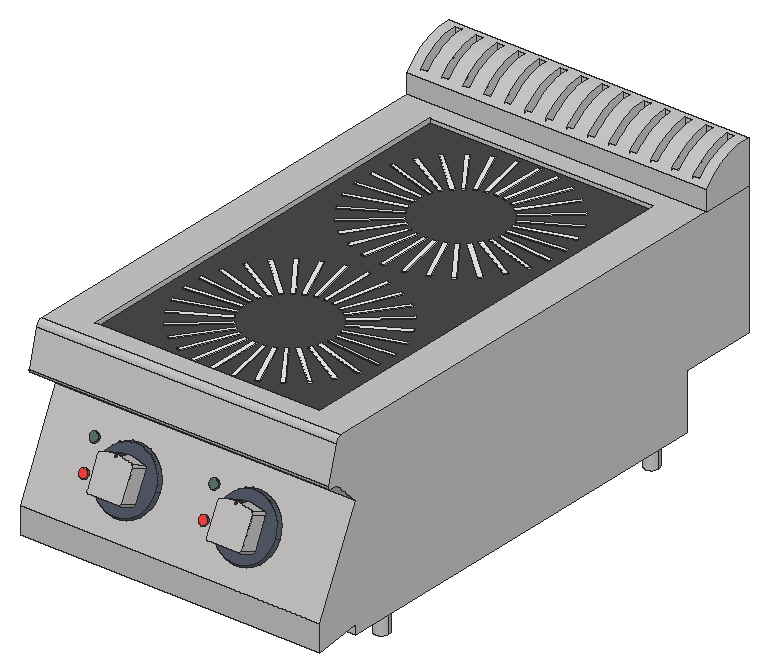
Revit family "QF_ZANUSSI_372020_Z7INED2000", category Specialty Equipment, Revit 2018
Family settings
  Round Connector Dimension = Use Diameter
  Part Type = Normal
  Work Plane-Based = No
  Always vertical = Yes
  Cut with Voids When Loaded = No
  Shared = No
  Room Calculation Point = No
Parameters
  Width = 400.00 mm  # constant formula
  Weight in Pounds = 44  # constant formula
  Weight = 0.00 kg
  Watts = 7000 VA  # 7000 W
  Volts = 400 V  # constant formula
  URL Manufacturer = "http://www.zanussiprofessional.com"
  URL Cutsheet = "www.electrolux.com/foodservice"
  URL = "http://www.zanussiprofessional.com"
  Type Mark [instance] = ""
  Steam Supply Size = 0"
  Steam Supply Minimum Pressure = 0.00 psi
  Steam Supply Maximum Pressure = 0.00 psi
  Steam Pounds per Hour = 0
  Status [instance] = ""
  Specification by User [instance] = ""
  Specification by Manufacturer = ""
  Show Logo [instance] = yes
  Show Clearance [instance] = yes
  Serial Number = ""
  Seismic Rating = ""
  SMACNA No = ""
  Revision Code [instance] = ""
  Refrigeration Suction Line Size = 0"
  Refrigeration Liquid Line Size = 0"
  Refrigerant Compressor Remote = yes
  Phase = 3  # constant formula
  Omniclass Number and Title = ""
  Number of Poles [instance] = 1
  NAFEM Spec ID Number = ""
  Model = "Z7INED2000"
  Min Ckt Ampacity = 0 A
  Max Overcurrent Protection = 0 A
  Masterspec = ""
  Manufacturer = "Zanussi"
  Length Actual = 400.00 mm  # constant formula
  Item Number [instance] = "372020"
  Installed By [instance] = ""
  Identify Quantity as Lot [instance] = yes
  Hot Water Size = 0"
  Height Actual = 250.00 mm  # constant formula
  Height = 332.00 mm  # constant formula
  HP = "9.4 HP"
  Gas Size = 0"
  Gas KW = 0
  Gas Input = 0.0 Btu/h
  Furnished By [instance] = ""
  Foodservice Equipment Identifier [instance] = yes
  FL Amps = if(Phase = 3, Watts / (Volts * 1.73), Watts / Volts)  # 10.1156 A
  Electrical Remarks [instance] = "400 V/3N ph/50/60 Hz"  # constant formula
  Electric Connection Type [instance] = ""
  Elec Conn RI Height [instance] = 0.00 mm
  Elec Conn Connection Height [instance] = 0.00 mm
  Direct Waste Size = 0"
  Description = "ELECTRIC INDUCTION COOKING TOP 400 MM"
  Depth Actual = 700.00 mm  # constant formula
  Depth = 730.00 mm  # constant formula
  Cycle = if([60 Hertz Option], 60 Hz, 50 Hz)  # 60 Hz
  Conn Plug = ""
  Conn Conduit = yes
  Condensate Return Size = 0"
  Compressed Air Volume = 0 GPM
  Compressed Air Size = 0"
  Compressed Air Pressure = 0.00 psi
  Cold Water Size = 0"
  CSI MasterFormat = ""
  CSI Master Format = ""
  Base Height [instance] = 24.00 mm  # constant formula
  Apparent Power = if(Phase = 3, Volts * FL Amps * 1.73, Volts * FL Amps)  # 7000 VA
  Accessory = yes
  60 Hertz Option = not([50 Hertz Option])  # yes
  50 Hertz Option = no
Reference planes
  plane 1 "BACK": y = 0
  plane 2: z = 0
  plane 3 "LEFT": x = 0
  plane 4 "RIGHT": x = 400
  plane 5 "FRONT": y = -730
  plane 6 "TOP": z = 332
  plane 7 "Center Y": x = 200
  plane 8 "Center X": y = -365
  plane 9 "BASE": z = 24
  plane 10 "TOP A": z = 274
  plane 11: y = -597.884
  plane 12: y = -147.637
  plane 13: y = -700
  plane 14 "panel": through (-6096, -654.982, 184.602) normal (0, -0.8956, 0.4448)
Forms (mm)
  Extrusion 1, solid, material "QF_Finishes_Stainless Steel"
    sketch origin (0, 0, 0) x (0, 1, 0) y (0, 0, 1)
      loop
        line (0, 98) -> (0, 274) -> (-679.358, 274)
        arc (-679.358, 274) -> (-684.643, 271.811) -> (-686.833, 266.526) r 7.474
        line (-686.833, 266.526) -> (-699.884, 221.011)
        arc (-699.884, 221.011) -> (-699.396, 218.379) -> (-697, 217.184) r 3
        line (-697, 217.184) -> (-686.802, 217.184) -> (-654.982, 185.364) -> (-715, 64.508) -> (-715, 29.508) -> (-658.645, 37.428)
        arc (-658.645, 37.428) -> (-656.101, 36.674) -> (-655, 34.259) r 3.2
        line (-655, 34.259) -> (-655, 24) -> (-103, 24) -> (-103, 98) -> (0, 98)
    from 0 to 400
  Extrusion 2, solid, material "QF_Finishes_Stainless Steel"
    sketch origin (0, 0, 0) x (0, 1, 0) y (0, 0, 1)
      loop
        line (0, 274) -> (0, 332)
        arc (0, 332) -> (-38.715, 323.821) -> (-69.85, 299.4) r 87.358
        line (-69.85, 299.4) -> (-69.85, 274) -> (0, 274)
    from 0 to 400
  Extrusion 3, void
    sketch origin (0, 0, 274) x (-1, 0, 0) y (0, -1, 0)
      loop
        line (-50, 93.262) -> (-50, 653.262) -> (-350, 653.262) -> (-350, 93.262) -> (-50, 93.262)
    from 0 to -6.35
  Extrusion 4, void
    sketch origin (0, 0, 274) x (-1, 0, 0) y (0, -1, 0)
      loop
        line (-13.453, 6.761) -> (-13.453, 63.911) -> (-22.749, 63.911) -> (-22.749, 6.761) -> (-13.453, 6.761)
    from 25.4 to 63.5
  Extrusion 5, void
    sketch origin (400.05, 0, 274) x (1, 0, 0) y (0, 1, 0)
      loop
        line (-13.503, -6.761) -> (-22.799, -6.761) -> (-22.799, -63.911) -> (-13.503, -63.911) -> (-13.503, -6.761)
    from 25.4 to 63.5
  Extrusion 6, void
    sketch origin (27.988, 0, 274) x (-1, 0, 0) y (0, -1, 0)
      loop
        line (-13.453, 6.761) -> (-13.453, 63.911) -> (-22.749, 63.911) -> (-22.749, 6.761) -> (-13.453, 6.761)
    from 25.4 to 63.5
  Extrusion 7, void
    sketch origin (55.977, 0, 274) x (-1, 0, 0) y (0, -1, 0)
      loop
        line (-13.453, 6.761) -> (-13.453, 63.911) -> (-22.749, 63.911) -> (-22.749, 6.761) -> (-13.453, 6.761)
    from 25.4 to 63.5
  Extrusion 8, void
    sketch origin (83.965, 0, 274) x (-1, 0, 0) y (0, -1, 0)
      loop
        line (-13.428, 6.761) -> (-13.428, 63.911) -> (-22.724, 63.911) -> (-22.724, 6.761) -> (-13.428, 6.761)
    from 25.4 to 63.5
  Extrusion 9, void
    sketch origin (111.953, 0, 274) x (-1, 0, 0) y (0, -1, 0)
      loop
        line (-13.428, 6.761) -> (-13.428, 63.911) -> (-22.724, 63.911) -> (-22.724, 6.761) -> (-13.428, 6.761)
    from 25.4 to 63.5
  Extrusion 10, void
    sketch origin (139.942, 0, 274) x (-1, 0, 0) y (0, -1, 0)
      loop
        line (-13.428, 6.761) -> (-13.428, 63.911) -> (-22.724, 63.911) -> (-22.724, 6.761) -> (-13.428, 6.761)
    from 25.4 to 63.5
  Extrusion 11, void
    sketch origin (167.93, 0, 274) x (-1, 0, 0) y (0, -1, 0)
      loop
        line (-13.428, 6.761) -> (-13.428, 63.911) -> (-22.724, 63.911) -> (-22.724, 6.761) -> (-13.428, 6.761)
    from 25.4 to 63.5
  Extrusion 12, void
    sketch origin (195.918, 0, 274) x (-1, 0, 0) y (0, -1, 0)
      loop
        line (-13.428, 6.761) -> (-13.428, 63.911) -> (-22.724, 63.911) -> (-22.724, 6.761) -> (-13.428, 6.761)
    from 25.4 to 63.5
  Extrusion 13, void
    sketch origin (223.907, 0, 274) x (-1, 0, 0) y (0, -1, 0)
      loop
        line (-13.428, 6.761) -> (-13.428, 63.911) -> (-22.724, 63.911) -> (-22.724, 6.761) -> (-13.428, 6.761)
    from 25.4 to 63.5
  Extrusion 14, void
    sketch origin (251.895, 0, 274) x (-1, 0, 0) y (0, -1, 0)
      loop
        line (-13.428, 6.761) -> (-13.428, 63.911) -> (-22.724, 63.911) -> (-22.724, 6.761) -> (-13.428, 6.761)
    from 25.4 to 63.5
  Extrusion 15, void
    sketch origin (279.884, 0, 274) x (-1, 0, 0) y (0, -1, 0)
      loop
        line (-13.403, 6.761) -> (-13.403, 63.911) -> (-22.699, 63.911) -> (-22.699, 6.761) -> (-13.403, 6.761)
    from 25.4 to 63.5
  Extrusion 16, void
    sketch origin (307.872, 0, 274) x (-1, 0, 0) y (0, -1, 0)
      loop
        line (-13.403, 6.761) -> (-13.403, 63.911) -> (-22.699, 63.911) -> (-22.699, 6.761) -> (-13.403, 6.761)
    from 25.4 to 63.5
  Extrusion 17, void
    sketch origin (335.86, 0, 274) x (-1, 0, 0) y (0, -1, 0)
      loop
        line (-13.403, 6.761) -> (-13.403, 63.911) -> (-22.699, 63.911) -> (-22.699, 6.761) -> (-13.403, 6.761)
    from 25.4 to 63.5
  Extrusion 18, solid, material "QF_Finishes_Stainless Steel"
    sketch origin (0, 0, 0) x (1, 0, 0) y (0, 1, 0)
      loop
        circle (11.112, -147.638) r 9.525
      loop
        circle (11.112, -597.884) r 9.525
      loop
        circle (388.887, -147.638) r 9.525
      loop
        circle (388.887, -597.884) r 9.525
    from 0 to 24
  Extrusion 19, solid, material "QF_Finishes_Stainless Steel"
    sketch origin (0, -101.6, 101.788) x (0, 0, -1) y (-1, 0, 0)
      loop
        circle (43.882, -336.5) r 12.7
    from -1.4 to 12.7
  Extrusion 20, solid, material "QF_Finishes_Clearance", visible <- "Show Clearance", detail levels coarse
    sketch origin (0, 0, 0) x (1, 0, 0) y (0, 1, 0)
      loop
        line (0, -730) -> (0, 0) -> (400, 0) -> (400, -730) -> (550.019, -730) -> (550.019, 150.019) -> (-150.019, 150.019) -> (-150.019, -730) -> (0, -730)
    from 0 to 332
  Extrusion 21, solid, material "QF_Finishes_White"
    sketch origin (0, 0, 267.65) x (-1, 0, 0) y (0, -1, 0)
      loop
        line (-196.926, 361.478) -> (-201.926, 361.478) -> (-201.926, 288.082) -> (-196.926, 288.082) -> (-196.926, 361.478)
    from 0 to 0.8
  Extrusion 22, solid, material "QF_Finishes_White"
    sketch origin (52.177, 36.558, 267.65) x (-0.978148, 0.207912, 0) y (-0.207912, -0.978148, 0)
      loop
        line (-196.926, 361.478) -> (-201.926, 361.478) -> (-201.926, 288.082) -> (-196.926, 288.082) -> (-196.926, 361.478)
    from 0 to 0.8
  Extrusion 23, solid, material "QF_Finishes_White"
    sketch origin (-43.436, -46.607, 267.65) x (-0.978148, -0.207912, 0) y (0.207912, -0.978148, 0)
      loop
        line (-196.926, 361.478) -> (-201.926, 361.478) -> (-201.926, 288.082) -> (-196.926, 288.082) -> (-196.926, 361.478)
    from 0 to 0.8
  Extrusion 24, solid, material "QF_Finishes_White"
    sketch origin (-76.233, -101.226, 267.65) x (-0.913545, -0.406737, 0) y (0.406737, -0.913545, 0)
      loop
        line (-196.926, 361.478) -> (-201.926, 361.478) -> (-201.926, 288.082) -> (-196.926, 288.082) -> (-196.926, 361.478)
    from 0 to 0.8
  Extrusion 25, solid, material "QF_Finishes_White"
    sketch origin (-96.957, -161.471, 267.65) x (-0.809017, -0.587785, 0) y (0.587785, -0.809017, 0)
      loop
        line (-196.926, 361.478) -> (-201.926, 361.478) -> (-201.926, 288.082) -> (-196.926, 288.082) -> (-196.926, 361.478)
    from 0 to 0.8
  Extrusion 26, solid, material "QF_Finishes_White"
    sketch origin (-104.703, -224.708, 267.65) x (-0.669131, -0.743145, 0) y (0.743145, -0.669131, 0)
      loop
        line (-196.926, 361.478) -> (-201.926, 361.478) -> (-201.926, 288.082) -> (-196.926, 288.082) -> (-196.926, 361.478)
    from 0 to 0.8
  Extrusion 27, solid, material "QF_Finishes_White"
    sketch origin (-99.132, -288.174, 267.65) x (-0.5, -0.866025, 0) y (0.866025, -0.5, 0)
      loop
        line (-196.926, 361.478) -> (-201.926, 361.478) -> (-201.926, 288.082) -> (-196.926, 288.082) -> (-196.926, 361.478)
    from 0 to 0.8
  Extrusion 28, solid, material "QF_Finishes_White"
    sketch origin (-80.487, -349.094, 267.65) x (-0.309017, -0.951057, 0) y (0.951057, -0.309017, 0)
      loop
        line (-196.926, 361.478) -> (-201.926, 361.478) -> (-201.926, 288.082) -> (-196.926, 288.082) -> (-196.926, 361.478)
    from 0 to 0.8
  Extrusion 29, solid, material "QF_Finishes_White"
    sketch origin (-49.583, -404.807, 267.65) x (-0.104528, -0.994522, 0) y (0.994522, -0.104528, 0)
      loop
        line (-196.926, 361.478) -> (-201.926, 361.478) -> (-201.926, 288.082) -> (-196.926, 288.082) -> (-196.926, 361.478)
    from 0 to 0.8
  Extrusion 30, solid, material "QF_Finishes_White"
    sketch origin (-7.772, -452.877, 267.65) x (0.104528, -0.994522, 0) y (0.994522, 0.104528, 0)
      loop
        line (-196.926, 361.478) -> (-201.926, 361.478) -> (-201.926, 288.082) -> (-196.926, 288.082) -> (-196.926, 361.478)
    from 0 to 0.8
  Extrusion 31, solid, material "QF_Finishes_White"
    sketch origin (43.12, -491.203, 267.65) x (0.309017, -0.951057, 0) y (0.951057, 0.309017, 0)
      loop
        line (-196.926, 361.478) -> (-201.926, 361.478) -> (-201.926, 288.082) -> (-196.926, 288.082) -> (-196.926, 361.478)
    from 0 to 0.8
  Extrusion 32, solid, material "QF_Finishes_White"
    sketch origin (100.868, -518.111, 267.65) x (0.5, -0.866025, 0) y (0.866025, 0.5, 0)
      loop
        line (-196.926, 361.478) -> (-201.926, 361.478) -> (-201.926, 288.082) -> (-196.926, 288.082) -> (-196.926, 361.478)
    from 0 to 0.8
  Extrusion 33, solid, material "QF_Finishes_White"
    sketch origin (162.949, -532.424, 267.65) x (0.669131, -0.743145, 0) y (0.743145, 0.669131, 0)
      loop
        line (-196.926, 361.478) -> (-201.926, 361.478) -> (-201.926, 288.082) -> (-196.926, 288.082) -> (-196.926, 361.478)
    from 0 to 0.8
  Extrusion 34, solid, material "QF_Finishes_White"
    sketch origin (226.65, -533.518, 267.65) x (0.809017, -0.587785, 0) y (0.587785, 0.809017, 0)
      loop
        line (-196.926, 361.478) -> (-201.926, 361.478) -> (-201.926, 288.082) -> (-196.926, 288.082) -> (-196.926, 361.478)
    from 0 to 0.8
  Extrusion 35, solid, material "QF_Finishes_White"
    sketch origin (289.185, -521.343, 267.65) x (0.913545, -0.406737, 0) y (0.406737, 0.913545, 0)
      loop
        line (-196.926, 361.478) -> (-201.926, 361.478) -> (-201.926, 288.082) -> (-196.926, 288.082) -> (-196.926, 361.478)
    from 0 to 0.8
  Extrusion 36, solid, material "QF_Finishes_White"
    sketch origin (347.823, -496.432, 267.65) x (0.978148, -0.207912, 0) y (0.207912, 0.978148, 0)
      loop
        line (-196.926, 361.478) -> (-201.926, 361.478) -> (-201.926, 288.082) -> (-196.926, 288.082) -> (-196.926, 361.478)
    from 0 to 0.8
  Extrusion 37, solid, material "QF_Finishes_White"
    sketch origin (400, -459.875, 267.65) x (1, 0, 0) y (0, 1, 0)
      loop
        line (-196.926, 361.478) -> (-201.926, 361.478) -> (-201.926, 288.082) -> (-196.926, 288.082) -> (-196.926, 361.478)
    from 0 to 0.8
  Extrusion 38, solid, material "QF_Finishes_White"
    sketch origin (443.436, -413.268, 267.65) x (0.978148, 0.207912, 0) y (-0.207912, 0.978148, 0)
      loop
        line (-196.926, 361.478) -> (-201.926, 361.478) -> (-201.926, 288.082) -> (-196.926, 288.082) -> (-196.926, 361.478)
    from 0 to 0.8
  Extrusion 39, solid, material "QF_Finishes_White"
    sketch origin (476.233, -358.648, 267.65) x (0.913545, 0.406737, 0) y (-0.406737, 0.913545, 0)
      loop
        line (-196.926, 361.478) -> (-201.926, 361.478) -> (-201.926, 288.082) -> (-196.926, 288.082) -> (-196.926, 361.478)
    from 0 to 0.8
  Extrusion 40, solid, material "QF_Finishes_White"
    sketch origin (496.957, -298.403, 267.65) x (0.809017, 0.587785, 0) y (-0.587785, 0.809017, 0)
      loop
        line (-196.926, 361.478) -> (-201.926, 361.478) -> (-201.926, 288.082) -> (-196.926, 288.082) -> (-196.926, 361.478)
    from 0 to 0.8
  Extrusion 41, solid, material "QF_Finishes_White"
    sketch origin (504.703, -235.166, 267.65) x (0.669131, 0.743145, 0) y (-0.743145, 0.669131, 0)
      loop
        line (-196.926, 361.478) -> (-201.926, 361.478) -> (-201.926, 288.082) -> (-196.926, 288.082) -> (-196.926, 361.478)
    from 0 to 0.8
  Extrusion 42, solid, material "QF_Finishes_White"
    sketch origin (499.132, -171.701, 267.65) x (0.5, 0.866025, 0) y (-0.866025, 0.5, 0)
      loop
        line (-196.926, 361.478) -> (-201.926, 361.478) -> (-201.926, 288.082) -> (-196.926, 288.082) -> (-196.926, 361.478)
    from 0 to 0.8
  Extrusion 43, solid, material "QF_Finishes_White"
    sketch origin (480.487, -110.781, 267.65) x (0.309017, 0.951057, 0) y (-0.951057, 0.309017, 0)
      loop
        line (-196.926, 361.478) -> (-201.926, 361.478) -> (-201.926, 288.082) -> (-196.926, 288.082) -> (-196.926, 361.478)
    from 0 to 0.8
  Extrusion 44, solid, material "QF_Finishes_White"
    sketch origin (449.583, -55.068, 267.65) x (0.104528, 0.994522, 0) y (-0.994522, 0.104528, 0)
      loop
        line (-196.926, 361.478) -> (-201.926, 361.478) -> (-201.926, 288.082) -> (-196.926, 288.082) -> (-196.926, 361.478)
    from 0 to 0.8
  Extrusion 45, solid, material "QF_Finishes_White"
    sketch origin (407.772, -6.998, 267.65) x (-0.104528, 0.994522, 0) y (-0.994522, -0.104528, 0)
      loop
        line (-196.926, 361.478) -> (-201.926, 361.478) -> (-201.926, 288.082) -> (-196.926, 288.082) -> (-196.926, 361.478)
    from 0 to 0.8
  Extrusion 46, solid, material "QF_Finishes_White"
    sketch origin (356.88, 31.329, 267.65) x (-0.309017, 0.951057, 0) y (-0.951057, -0.309017, 0)
      loop
        line (-196.926, 361.478) -> (-201.926, 361.478) -> (-201.926, 288.082) -> (-196.926, 288.082) -> (-196.926, 361.478)
    from 0 to 0.8
  Extrusion 47, solid, material "QF_Finishes_White"
    sketch origin (299.132, 58.236, 267.65) x (-0.5, 0.866025, 0) y (-0.866025, -0.5, 0)
      loop
        line (-196.926, 361.478) -> (-201.926, 361.478) -> (-201.926, 288.082) -> (-196.926, 288.082) -> (-196.926, 361.478)
    from 0 to 0.8
  Extrusion 48, solid, material "QF_Finishes_White"
    sketch origin (237.051, 72.55, 267.65) x (-0.669131, 0.743145, 0) y (-0.743145, -0.669131, 0)
      loop
        line (-196.926, 361.478) -> (-201.926, 361.478) -> (-201.926, 288.082) -> (-196.926, 288.082) -> (-196.926, 361.478)
    from 0 to 0.8
  Extrusion 49, solid, material "QF_Finishes_White"
    sketch origin (173.35, 73.643, 267.65) x (-0.809017, 0.587785, 0) y (-0.587785, -0.809017, 0)
      loop
        line (-196.926, 361.478) -> (-201.926, 361.478) -> (-201.926, 288.082) -> (-196.926, 288.082) -> (-196.926, 361.478)
    from 0 to 0.8
  Extrusion 50, solid, material "QF_Finishes_White"
    sketch origin (110.815, 61.468, 267.65) x (-0.913545, 0.406737, 0) y (-0.406737, -0.913545, 0)
      loop
        line (-196.926, 361.478) -> (-201.926, 361.478) -> (-201.926, 288.082) -> (-196.926, 288.082) -> (-196.926, 361.478)
    from 0 to 0.8
  Extrusion 51, solid, material "QF_Finishes_White"
    sketch origin (0, -285, 267.65) x (-1, 0, 0) y (0, -1, 0)
      loop
        line (-196.926, 361.478) -> (-201.926, 361.478) -> (-201.926, 288.082) -> (-196.926, 288.082) -> (-196.926, 361.478)
    from 0 to 0.8
  Extrusion 52, solid, material "QF_Finishes_White"
    sketch origin (52.177, -248.442, 267.65) x (-0.978148, 0.207912, 0) y (-0.207912, -0.978148, 0)
      loop
        line (-196.926, 361.478) -> (-201.926, 361.478) -> (-201.926, 288.082) -> (-196.926, 288.082) -> (-196.926, 361.478)
    from 0 to 0.8
  Extrusion 53, solid, material "QF_Finishes_White"
    sketch origin (-43.436, -331.607, 267.65) x (-0.978148, -0.207912, 0) y (0.207912, -0.978148, 0)
      loop
        line (-196.926, 361.478) -> (-201.926, 361.478) -> (-201.926, 288.082) -> (-196.926, 288.082) -> (-196.926, 361.478)
    from 0 to 0.8
  Extrusion 54, solid, material "QF_Finishes_White"
    sketch origin (-76.233, -386.226, 267.65) x (-0.913545, -0.406737, 0) y (0.406737, -0.913545, 0)
      loop
        line (-196.926, 361.478) -> (-201.926, 361.478) -> (-201.926, 288.082) -> (-196.926, 288.082) -> (-196.926, 361.478)
    from 0 to 0.8
  Extrusion 55, solid, material "QF_Finishes_White"
    sketch origin (-96.957, -446.471, 267.65) x (-0.809017, -0.587785, 0) y (0.587785, -0.809017, 0)
      loop
        line (-196.926, 361.478) -> (-201.926, 361.478) -> (-201.926, 288.082) -> (-196.926, 288.082) -> (-196.926, 361.478)
    from 0 to 0.8
  Extrusion 56, solid, material "QF_Finishes_White"
    sketch origin (-104.703, -509.708, 267.65) x (-0.669131, -0.743145, 0) y (0.743145, -0.669131, 0)
      loop
        line (-196.926, 361.478) -> (-201.926, 361.478) -> (-201.926, 288.082) -> (-196.926, 288.082) -> (-196.926, 361.478)
    from 0 to 0.8
  Extrusion 57, solid, material "QF_Finishes_White"
    sketch origin (-99.132, -573.174, 267.65) x (-0.5, -0.866025, 0) y (0.866025, -0.5, 0)
      loop
        line (-196.926, 361.478) -> (-201.926, 361.478) -> (-201.926, 288.082) -> (-196.926, 288.082) -> (-196.926, 361.478)
    from 0 to 0.8
  Extrusion 58, solid, material "QF_Finishes_White"
    sketch origin (-80.487, -634.094, 267.65) x (-0.309017, -0.951057, 0) y (0.951057, -0.309017, 0)
      loop
        line (-196.926, 361.478) -> (-201.926, 361.478) -> (-201.926, 288.082) -> (-196.926, 288.082) -> (-196.926, 361.478)
    from 0 to 0.8
  Extrusion 59, solid, material "QF_Finishes_White"
    sketch origin (-49.583, -689.807, 267.65) x (-0.104528, -0.994522, 0) y (0.994522, -0.104528, 0)
      loop
        line (-196.926, 361.478) -> (-201.926, 361.478) -> (-201.926, 288.082) -> (-196.926, 288.082) -> (-196.926, 361.478)
    from 0 to 0.8
  Extrusion 60, solid, material "QF_Finishes_White"
    sketch origin (-7.772, -737.877, 267.65) x (0.104528, -0.994522, 0) y (0.994522, 0.104528, 0)
      loop
        line (-196.926, 361.478) -> (-201.926, 361.478) -> (-201.926, 288.082) -> (-196.926, 288.082) -> (-196.926, 361.478)
    from 0 to 0.8
  Extrusion 61, solid, material "QF_Finishes_White"
    sketch origin (43.12, -776.203, 267.65) x (0.309017, -0.951057, 0) y (0.951057, 0.309017, 0)
      loop
        line (-196.926, 361.478) -> (-201.926, 361.478) -> (-201.926, 288.082) -> (-196.926, 288.082) -> (-196.926, 361.478)
    from 0 to 0.8
  Extrusion 62, solid, material "QF_Finishes_White"
    sketch origin (100.868, -803.111, 267.65) x (0.5, -0.866025, 0) y (0.866025, 0.5, 0)
      loop
        line (-196.926, 361.478) -> (-201.926, 361.478) -> (-201.926, 288.082) -> (-196.926, 288.082) -> (-196.926, 361.478)
    from 0 to 0.8
  Extrusion 63, solid, material "QF_Finishes_White"
    sketch origin (162.949, -817.424, 267.65) x (0.669131, -0.743145, 0) y (0.743145, 0.669131, 0)
      loop
        line (-196.926, 361.478) -> (-201.926, 361.478) -> (-201.926, 288.082) -> (-196.926, 288.082) -> (-196.926, 361.478)
    from 0 to 0.8
  Extrusion 64, solid, material "QF_Finishes_White"
    sketch origin (226.65, -818.518, 267.65) x (0.809017, -0.587785, 0) y (0.587785, 0.809017, 0)
      loop
        line (-196.926, 361.478) -> (-201.926, 361.478) -> (-201.926, 288.082) -> (-196.926, 288.082) -> (-196.926, 361.478)
    from 0 to 0.8
  Extrusion 65, solid, material "QF_Finishes_White"
    sketch origin (289.185, -806.343, 267.65) x (0.913545, -0.406737, 0) y (0.406737, 0.913545, 0)
      loop
        line (-196.926, 361.478) -> (-201.926, 361.478) -> (-201.926, 288.082) -> (-196.926, 288.082) -> (-196.926, 361.478)
    from 0 to 0.8
  Extrusion 66, solid, material "QF_Finishes_White"
    sketch origin (347.823, -781.432, 267.65) x (0.978148, -0.207912, 0) y (0.207912, 0.978148, 0)
      loop
        line (-196.926, 361.478) -> (-201.926, 361.478) -> (-201.926, 288.082) -> (-196.926, 288.082) -> (-196.926, 361.478)
    from 0 to 0.8
  Extrusion 67, solid, material "QF_Finishes_White"
    sketch origin (400, -744.875, 267.65) x (1, 0, 0) y (0, 1, 0)
      loop
        line (-196.926, 361.478) -> (-201.926, 361.478) -> (-201.926, 288.082) -> (-196.926, 288.082) -> (-196.926, 361.478)
    from 0 to 0.8
  Extrusion 68, solid, material "QF_Finishes_White"
    sketch origin (443.436, -698.268, 267.65) x (0.978148, 0.207912, 0) y (-0.207912, 0.978148, 0)
      loop
        line (-196.926, 361.478) -> (-201.926, 361.478) -> (-201.926, 288.082) -> (-196.926, 288.082) -> (-196.926, 361.478)
    from 0 to 0.8
  Extrusion 69, solid, material "QF_Finishes_White"
    sketch origin (476.233, -643.648, 267.65) x (0.913545, 0.406737, 0) y (-0.406737, 0.913545, 0)
      loop
        line (-196.926, 361.478) -> (-201.926, 361.478) -> (-201.926, 288.082) -> (-196.926, 288.082) -> (-196.926, 361.478)
    from 0 to 0.8
  Extrusion 70, solid, material "QF_Finishes_White"
    sketch origin (496.957, -583.403, 267.65) x (0.809017, 0.587785, 0) y (-0.587785, 0.809017, 0)
      loop
        line (-196.926, 361.478) -> (-201.926, 361.478) -> (-201.926, 288.082) -> (-196.926, 288.082) -> (-196.926, 361.478)
    from 0 to 0.8
  Extrusion 71, solid, material "QF_Finishes_White"
    sketch origin (504.703, -520.166, 267.65) x (0.669131, 0.743145, 0) y (-0.743145, 0.669131, 0)
      loop
        line (-196.926, 361.478) -> (-201.926, 361.478) -> (-201.926, 288.082) -> (-196.926, 288.082) -> (-196.926, 361.478)
    from 0 to 0.8
  Extrusion 72, solid, material "QF_Finishes_White"
    sketch origin (499.132, -456.701, 267.65) x (0.5, 0.866025, 0) y (-0.866025, 0.5, 0)
      loop
        line (-196.926, 361.478) -> (-201.926, 361.478) -> (-201.926, 288.082) -> (-196.926, 288.082) -> (-196.926, 361.478)
    from 0 to 0.8
  Extrusion 73, solid, material "QF_Finishes_White"
    sketch origin (480.487, -395.781, 267.65) x (0.309017, 0.951057, 0) y (-0.951057, 0.309017, 0)
      loop
        line (-196.926, 361.478) -> (-201.926, 361.478) -> (-201.926, 288.082) -> (-196.926, 288.082) -> (-196.926, 361.478)
    from 0 to 0.8
  Extrusion 74, solid, material "QF_Finishes_White"
    sketch origin (449.583, -340.068, 267.65) x (0.104528, 0.994522, 0) y (-0.994522, 0.104528, 0)
      loop
        line (-196.926, 361.478) -> (-201.926, 361.478) -> (-201.926, 288.082) -> (-196.926, 288.082) -> (-196.926, 361.478)
    from 0 to 0.8
  Extrusion 75, solid, material "QF_Finishes_White"
    sketch origin (407.772, -291.998, 267.65) x (-0.104528, 0.994522, 0) y (-0.994522, -0.104528, 0)
      loop
        line (-196.926, 361.478) -> (-201.926, 361.478) -> (-201.926, 288.082) -> (-196.926, 288.082) -> (-196.926, 361.478)
    from 0 to 0.8
  Extrusion 76, solid, material "QF_Finishes_White"
    sketch origin (356.88, -253.671, 267.65) x (-0.309017, 0.951057, 0) y (-0.951057, -0.309017, 0)
      loop
        line (-196.926, 361.478) -> (-201.926, 361.478) -> (-201.926, 288.082) -> (-196.926, 288.082) -> (-196.926, 361.478)
    from 0 to 0.8
  Extrusion 77, solid, material "QF_Finishes_White"
    sketch origin (299.132, -226.764, 267.65) x (-0.5, 0.866025, 0) y (-0.866025, -0.5, 0)
      loop
        line (-196.926, 361.478) -> (-201.926, 361.478) -> (-201.926, 288.082) -> (-196.926, 288.082) -> (-196.926, 361.478)
    from 0 to 0.8
  Extrusion 78, solid, material "QF_Finishes_White"
    sketch origin (237.051, -212.45, 267.65) x (-0.669131, 0.743145, 0) y (-0.743145, -0.669131, 0)
      loop
        line (-196.926, 361.478) -> (-201.926, 361.478) -> (-201.926, 288.082) -> (-196.926, 288.082) -> (-196.926, 361.478)
    from 0 to 0.8
  Extrusion 79, solid, material "QF_Finishes_White"
    sketch origin (173.35, -211.357, 267.65) x (-0.809017, 0.587785, 0) y (-0.587785, -0.809017, 0)
      loop
        line (-196.926, 361.478) -> (-201.926, 361.478) -> (-201.926, 288.082) -> (-196.926, 288.082) -> (-196.926, 361.478)
    from 0 to 0.8
  Extrusion 80, solid, material "QF_Finishes_White"
    sketch origin (110.815, -223.532, 267.65) x (-0.913545, 0.406737, 0) y (-0.406737, -0.913545, 0)
      loop
        line (-196.926, 361.478) -> (-201.926, 361.478) -> (-201.926, 288.082) -> (-196.926, 288.082) -> (-196.926, 361.478)
    from 0 to 0.8
  Blend 81, solid, material "QF_Finishes_Navy Blue"
    base sketch origin (120, -684.991, 124.174) x (1, 0, 0) y (0, 0.444781, 0.895639)
      loop
        circle (0, 0) r 42.5
    top sketch origin (120, -684.991, 124.174) x (1, 0, 0) y (0, 0.444781, 0.895639)
      loop
        circle (0, 0) r 40.5
    from 0 to 5
  Extrusion 82, solid, material "QF_Finishes_Stainless Steel"
    sketch origin (120, -684.991, 124.174) x (1, 0, 0) y (0, 0.444781, 0.895639)
      loop
        arc (-21.147, 22.789) -> (-22.494, 21.685) -> (-23, 20.019) r 2.997
        line (-23, 20.019) -> (-23, -20.019)
        arc (-23, -20.019) -> (-22.122, -22.138) -> (-20.003, -23.016) r 2.997
        line (-20.003, -23.016) -> (20.003, -23.016)
        arc (20.003, -23.016) -> (22.122, -22.138) -> (23, -20.019) r 2.997
        line (23, -20.019) -> (23, 20.019)
        arc (23, 20.019) -> (22.494, 21.685) -> (21.147, 22.789) r 2.997
        arc (21.147, 22.789) -> (0, 26.984) -> (-21.147, 22.789) r 55.4
    from 10 to 34
  Extrusion 83, solid, material "QF_Plastic-Black-Matte"
    sketch origin (200, -684.991, 124.174) x (0, 0.444781, 0.895639) y (0, -0.895639, 0.444781)
      loop
        line (26.984, 34) -> (26.984, 19) -> (27.984, 19) -> (27.984, 34)
        arc (27.984, 34) -> (27.691, 34.707) -> (26.984, 35) r 1
        line (26.984, 35) -> (23.984, 35) -> (23.984, 34) -> (26.984, 34)
    from -81 to -79
  Extrusion 84, solid, material "QF_Finishes_Red"
    sketch origin (120, -689.439, 115.217) x (1, 0, 0) y (0, 0.444781, 0.895639)
      loop
        circle (-55.001, 0) r 6
    from 0 to 1.6
  Extrusion 85, solid, material "QF_Finishes_Stainless Steel"
    sketch origin (120, -684.991, 124.174) x (1, 0, 0) y (0, 0.444781, 0.895639)
      loop
        line (17.5, 17.5) -> (-17.5, 17.5) -> (-17.5, -17.5) -> (17.5, -17.5) -> (17.5, 17.5)
    from 5 to 10
  Blend 86, solid, material "QF_Finishes_Navy Blue"
    base sketch origin (280, -684.991, 124.174) x (1, 0, 0) y (0, 0.444781, 0.895639)
      loop
        circle (0, 0) r 42.5
    top sketch origin (280, -684.991, 124.174) x (1, 0, 0) y (0, 0.444781, 0.895639)
      loop
        circle (0, 0) r 40.5
    from 0 to 5
  Extrusion 87, solid, material "QF_Finishes_Stainless Steel"
    sketch origin (280, -684.991, 124.174) x (1, 0, 0) y (0, 0.444781, 0.895639)
      loop
        arc (-21.147, 22.789) -> (-22.494, 21.685) -> (-23, 20.019) r 2.997
        line (-23, 20.019) -> (-23, -20.019)
        arc (-23, -20.019) -> (-22.122, -22.138) -> (-20.003, -23.016) r 2.997
        line (-20.003, -23.016) -> (20.003, -23.016)
        arc (20.003, -23.016) -> (22.122, -22.138) -> (23, -20.019) r 2.997
        line (23, -20.019) -> (23, 20.019)
        arc (23, 20.019) -> (22.494, 21.685) -> (21.147, 22.789) r 2.997
        arc (21.147, 22.789) -> (0, 26.984) -> (-21.147, 22.789) r 55.4
    from 10 to 34
  Extrusion 88, solid, material "QF_Finishes_Stainless Steel"
    sketch origin (280, -684.991, 124.174) x (1, 0, 0) y (0, 0.444781, 0.895639)
      loop
        line (17.5, 17.5) -> (-17.5, 17.5) -> (-17.5, -17.5) -> (17.5, -17.5) -> (17.5, 17.5)
    from 5 to 10
  Extrusion 89, solid, material "QF_Plastic-Black-Matte"
    sketch origin (200, -684.991, 124.174) x (0, 0.444781, 0.895639) y (0, 0.895639, -0.444781)
      loop
        line (26.984, -34) -> (23.984, -34) -> (23.984, -35) -> (26.984, -35)
        arc (26.984, -35) -> (27.691, -34.707) -> (27.984, -34) r 1
        line (27.984, -34) -> (27.984, -19) -> (26.984, -19) -> (26.984, -34)
    from -81 to -79
  Extrusion 90, solid, material "QF_Finishes_DarkGreen"
    sketch origin (120, -671.648, 151.043) x (1, 0, 0) y (0, 0.444781, 0.895639)
      loop
        circle (-55.001, 0) r 6
    from 0 to 1.6
  Extrusion 91, solid, material "QF_Finishes_Red"
    sketch origin (280, -689.439, 115.217) x (1, 0, 0) y (0, 0.444781, 0.895639)
      loop
        circle (-55.001, 0) r 6
    from 0 to 1.6
  Extrusion 92, solid, material "QF_Finishes_DarkGreen"
    sketch origin (280, -671.648, 151.043) x (1, 0, 0) y (0, 0.444781, 0.895639)
      loop
        circle (-55.001, 0) r 6
    from 0 to 1.6
Cuts and joins
  Extrusion 3, Extrusion 4 cuts Extrusion 1
  Extrusion 4, Extrusion 5, Extrusion 6, Extrusion 7, Extrusion 8, Extrusion 9, Extrusion 10, Extrusion 11, Extrusion 12, Extrusion 13, Extrusion 14, Extrusion 15, Extrusion 16, Extrusion 17 cuts Extrusion 2
Lines and regions (mm)
  Split face 1
    outline origin (120.901, -689.469, 126.397) x (1, 0, 0) y (0, 0.444781, 0.895639)
      loop
        line (-8.901, 38.561) -> (-8.901, 28.561) -> (-2.901, 28.561) -> (-2.901, 38.561) -> (-8.901, 38.561)
  Split face 2
    outline origin (120.901, -689.469, 126.397) x (1, 0, 0) y (0, 0.444781, 0.895639)
      loop
        line (-8.401, 38.061) -> (-8.401, 29.061) -> (-3.401, 29.061) -> (-3.401, 38.061) -> (-8.401, 38.061)
  Split face 3
    outline origin (120.901, -689.469, 126.397) x (1, 0, 0) y (0, 0.444781, 0.895639)
      loop
        line (-8.401, 34.061) -> (-3.401, 34.061)
  Split face 4
    outline origin (120.901, -689.469, 126.397) x (1, 0, 0) y (0, 0.444781, 0.895639)
      loop
        line (-8.401, 33.561) -> (-3.401, 33.561)
  Split face 5
    outline origin (120.901, -689.469, 126.397) x (1, 0, 0) y (0, 0.444781, 0.895639)
      loop
        circle (-5.901, 31.311) r 2.029
  Split face 6
    outline origin (121.664, -684.796, 135.808) x (1, 0, 0) y (0, 0.444781, 0.895639)
      loop
        circle (-34, 0) r 1.5
  Split face 7
    outline origin (118.297, -687.581, 130.2) x (1, 0, 0) y (0, 0.444781, 0.895639)
      loop
        circle (-30.633, -14.752) r 1.5
  Split face 8
    outline origin (121.214, -689.88, 125.57) x (1, 0, 0) y (0, 0.444781, 0.895639)
      loop
        circle (-21.199, -26.582) r 1.5
  Split face 9
    outline origin (127.566, -689.848, 125.634) x (1, 0, 0) y (0, 0.444781, 0.895639)
      loop
        circle (-7.566, -33.148) r 1.5
  Split face 10
    outline origin (132.419, -686.96, 131.45) x (1, 0, 0) y (0, 0.444781, 0.895639)
      loop
        circle (7.566, -33.148) r 1.5
  Split face 11
    outline origin (131.137, -682.319, 140.796) x (1, 0, 0) y (0, 0.444781, 0.895639)
      loop
        circle (21.199, -26.582) r 1.5
  Split face 12
    outline origin (121.5, -678.264, 148.961) x (1, 0, 0) y (0, 0.444781, 0.895639)
      loop
        circle (30.633, -14.752) r 1.5
  Split face 13
    outline origin (105.985, -677.235, 151.033) x (1, 0, 0) y (0, 0.444781, 0.895639)
      loop
        circle (34, 0) r 1.5
  Split face 14
    outline origin (121.214, -689.058, 127.225) x (1, 0, 0) y (0, 0.444781, 0.895639)
      loop
        circle (-21.199, 26.582) r 1.5
  Split face 15
    outline origin (281.664, -684.796, 135.808) x (1, 0, 0) y (0, 0.444781, 0.895639)
      loop
        circle (-34, 0) r 1.5
  Split face 16
    outline origin (278.297, -687.581, 130.2) x (1, 0, 0) y (0, 0.444781, 0.895639)
      loop
        circle (-30.633, -14.752) r 1.5
  Split face 17
    outline origin (281.214, -689.88, 125.57) x (1, 0, 0) y (0, 0.444781, 0.895639)
      loop
        circle (-21.199, -26.582) r 1.5
  Split face 18
    outline origin (287.566, -689.848, 125.634) x (1, 0, 0) y (0, 0.444781, 0.895639)
      loop
        circle (-7.566, -33.148) r 1.5
  Split face 19
    outline origin (292.419, -686.96, 131.45) x (1, 0, 0) y (0, 0.444781, 0.895639)
      loop
        circle (7.566, -33.148) r 1.5
  Split face 20
    outline origin (291.137, -682.319, 140.796) x (1, 0, 0) y (0, 0.444781, 0.895639)
      loop
        circle (21.199, -26.582) r 1.5
  Split face 21
    outline origin (281.703, -678.235, 149.02) x (1, 0, 0) y (0, 0.444781, 0.895639)
      loop
        circle (30.633, -14.752) r 1.5
  Split face 22
    outline origin (265.985, -677.235, 151.033) x (1, 0, 0) y (0, 0.444781, 0.895639)
      loop
        circle (34, 0) r 1.5
  Split face 23
    outline origin (281.214, -689.058, 127.225) x (1, 0, 0) y (0, 0.444781, 0.895639)
      loop
        circle (-21.199, 26.582) r 1.5
  Split face 24
    outline origin (274, -689.469, 126.397) x (1, 0, 0) y (0, 0.444781, 0.895639)
      loop
        line (-3, 38.561) -> (-3, 28.561) -> (3, 28.561) -> (3, 38.561) -> (-3, 38.561)
  Split face 25
    outline origin (274, -689.469, 126.397) x (1, 0, 0) y (0, 0.444781, 0.895639)
      loop
        line (-2.5, 38.061) -> (-2.5, 29.061) -> (2.5, 29.061) -> (2.5, 38.061) -> (-2.5, 38.061)
  Split face 26
    outline origin (274, -689.469, 126.397) x (1, 0, 0) y (0, 0.444781, 0.895639)
      loop
        line (-2.5, 33.561) -> (2.5, 33.561)
  Split face 27
    outline origin (274, -689.469, 126.397) x (1, 0, 0) y (0, 0.444781, 0.895639)
      loop
        line (-2.5, 33.061) -> (2.5, 33.061)
  Split face 28
    outline origin (274, -689.469, 126.397) x (1, 0, 0) y (0, 0.444781, 0.895639)
      loop
        circle (0, 35.811) r 2.031
  Split face 29
    outline origin (120, -689.469, 126.397) x (1, 0, 0) y (0, 0.444781, 0.895639)
      loop
        circle (0, 33.561) r 1.5
  Split face 30
    outline origin (280, -689.469, 126.397) x (1, 0, 0) y (0, 0.444781, 0.895639)
      loop
        circle (0, 34) r 1.5
  symbolic lines, style "QF-Clearances", visible <- "Show Clearance", detail levels coarse
    curve 1: line (-150.019, 150.019, 274) -> (-150.019, -731.377, 274)
    curve 2: line (550.019, 150.019, 274) -> (-150.019, 150.019, 274)
    curve 3: line (550.019, -731.377, 274) -> (550.019, 150.019, 274)
  symbolic lines
    curve 4: line (0, 0, 274) -> (400, 0, 274)
    curve 5: line (0, -730, 274) -> (0, 0, 274)
    curve 6: line (400, 0, 274) -> (400, -730, 274)
    curve 7: line (22.724, -6.761, 274) -> (22.724, -63.911, 274)
    curve 8: line (22.724, -63.911, 274) -> (13.428, -63.911, 274)
    curve 9: line (13.428, -63.911, 274) -> (13.428, -6.761, 274)
    curve 10: line (13.428, -6.761, 274) -> (22.724, -6.761, 274)
    curve 11: line (386.547, -6.761, 274) -> (386.547, -63.911, 274)
    curve 12: line (386.547, -63.911, 274) -> (377.251, -63.911, 274)
    curve 13: line (377.251, -63.911, 274) -> (377.251, -6.761, 274)
    curve 14: line (377.251, -6.761, 274) -> (386.547, -6.761, 274)
    curve 15: line (50.712, -6.761, 274) -> (50.712, -63.911, 274)
    curve 16: line (50.712, -63.911, 274) -> (41.416, -63.911, 274)
    curve 17: line (41.416, -63.911, 274) -> (41.416, -6.761, 274)
    curve 18: line (41.416, -6.761, 274) -> (50.712, -6.761, 274)
    curve 19: line (78.7, -6.761, 274) -> (78.7, -63.911, 274)
    curve 20: line (78.7, -63.911, 274) -> (69.405, -63.911, 274)
    curve 21: line (69.405, -63.911, 274) -> (69.405, -6.761, 274)
    curve 22: line (69.405, -6.761, 274) -> (78.7, -6.761, 274)
    curve 23: line (106.689, -6.761, 274) -> (106.689, -63.911, 274)
    curve 24: line (106.689, -63.911, 274) -> (97.393, -63.911, 274)
    curve 25: line (97.393, -63.911, 274) -> (97.393, -6.761, 274)
    curve 26: line (97.393, -6.761, 274) -> (106.689, -6.761, 274)
    curve 27: line (134.677, -6.761, 274) -> (134.677, -63.911, 274)
    curve 28: line (134.677, -63.911, 274) -> (125.381, -63.911, 274)
    curve 29: line (125.381, -63.911, 274) -> (125.381, -6.761, 274)
    curve 30: line (125.381, -6.761, 274) -> (134.677, -6.761, 274)
    curve 31: line (162.665, -6.761, 274) -> (162.665, -63.911, 274)
    curve 32: line (162.665, -63.911, 274) -> (153.37, -63.911, 274)
    curve 33: line (153.37, -63.911, 274) -> (153.37, -6.761, 274)
    curve 34: line (153.37, -6.761, 274) -> (162.665, -6.761, 274)
    curve 35: line (190.654, -6.761, 274) -> (190.654, -63.911, 274)
    curve 36: line (190.654, -63.911, 274) -> (181.358, -63.911, 274)
    curve 37: line (181.358, -63.911, 274) -> (181.358, -6.761, 274)
    curve 38: line (181.358, -6.761, 274) -> (190.654, -6.761, 274)
    curve 39: line (218.642, -6.761, 274) -> (218.642, -63.911, 274)
    curve 40: line (218.642, -63.911, 274) -> (209.346, -63.911, 274)
    curve 41: line (209.346, -63.911, 274) -> (209.346, -6.761, 274)
    curve 42: line (209.346, -6.761, 274) -> (218.642, -6.761, 274)
    curve 43: line (246.605, -6.761, 274) -> (246.605, -63.911, 274)
    curve 44: line (246.605, -63.911, 274) -> (237.31, -63.911, 274)
    curve 45: line (237.31, -63.911, 274) -> (237.31, -6.761, 274)
    curve 46: line (237.31, -6.761, 274) -> (246.605, -6.761, 274)
    curve 47: line (274.594, -6.761, 274) -> (274.594, -63.911, 274)
    curve 48: line (274.594, -63.911, 274) -> (265.298, -63.911, 274)
    curve 49: line (265.298, -63.911, 274) -> (265.298, -6.761, 274)
    curve 50: line (265.298, -6.761, 274) -> (274.594, -6.761, 274)
    curve 51: line (302.582, -6.761, 274) -> (302.582, -63.911, 274)
    curve 52: line (302.582, -63.911, 274) -> (293.286, -63.911, 274)
    curve 53: line (293.286, -63.911, 274) -> (293.286, -6.761, 274)
    curve 54: line (293.286, -6.761, 274) -> (302.582, -6.761, 274)
    curve 55: line (330.57, -6.761, 274) -> (330.57, -63.911, 274)
    curve 56: line (330.57, -63.911, 274) -> (321.275, -63.911, 274)
    curve 57: line (321.275, -63.911, 274) -> (321.275, -6.761, 274)
    curve 58: line (321.275, -6.761, 274) -> (330.57, -6.761, 274)
    curve 59: line (358.559, -6.761, 274) -> (358.559, -63.911, 274)
    curve 60: line (358.559, -63.911, 274) -> (349.263, -63.911, 274)
    curve 61: line (349.263, -63.911, 274) -> (349.263, -6.761, 274)
    curve 62: line (349.263, -6.761, 274) -> (358.559, -6.761, 274)
    curve 63: line (31.725, -69.85, 274) -> (0, -69.85, 274)
    curve 64: line (0, -69.85, 274) -> (0, -120.65, 274)
    curve 65: line (0, -69.85, 274) -> (400, -69.85, 274)
    curve 66: line (326.512, -356.903, 267.65) -> (338.006, -356.903, 267.65)
    curve 67: line (326.512, -389.159, 267.65) -> (326.512, -356.903, 267.65)
    curve 68: line (338.006, -389.159, 267.65) -> (326.512, -389.159, 267.65)
    curve 69: line (338.006, -356.903, 267.65) -> (338.006, -389.159, 267.65)
    curve 70: line (50, -653.262, 267.65) -> (50, -93.262, 267.65)
    curve 71: line (50, -93.262, 267.65) -> (350, -93.262, 267.65)
    curve 72: line (350, -93.262, 267.65) -> (350, -653.262, 267.65)
    curve 73: line (350, -653.262, 267.65) -> (50, -653.262, 267.65)
    curve 74: line (201.926, -361.478, 266.887) -> (201.926, -288.082, 266.887)
    curve 75: line (201.926, -288.082, 266.887) -> (196.926, -288.082, 266.887)
    curve 76: line (196.926, -288.082, 266.887) -> (196.926, -361.478, 266.887)
    curve 77: line (196.926, -361.478, 266.887) -> (201.926, -361.478, 266.887)
    curve 78: line (174.535, -359.004, 266.887) -> (189.794, -287.212, 266.887)
    curve 79: line (189.794, -287.212, 266.887) -> (184.904, -286.172, 266.887)
    curve 80: line (184.904, -286.172, 266.887) -> (169.644, -357.964, 266.887)
    curve 81: line (169.644, -357.964, 266.887) -> (174.535, -359.004, 266.887)
    curve 82: line (229.232, -358.203, 266.887) -> (213.972, -286.411, 266.887)
    curve 83: line (213.972, -286.411, 266.887) -> (209.082, -287.451, 266.887)
    curve 84: line (209.082, -287.451, 266.887) -> (224.342, -359.243, 266.887)
    curve 85: line (224.342, -359.243, 266.887) -> (229.232, -358.203, 266.887)
    curve 86: line (255.262, -349.323, 266.887) -> (225.409, -282.272, 266.887)
    curve 87: line (225.409, -282.272, 266.887) -> (220.841, -284.306, 266.887)
    curve 88: line (220.841, -284.306, 266.887) -> (250.694, -351.356, 266.887)
    curve 89: line (250.694, -351.356, 266.887) -> (255.262, -349.323, 266.887)
    curve 90: line (278.876, -335.224, 266.887) -> (235.735, -275.846, 266.887)
    curve 91: line (235.735, -275.846, 266.887) -> (231.689, -278.785, 266.887)
    curve 92: line (231.689, -278.785, 266.887) -> (274.83, -338.163, 266.887)
    curve 93: line (274.83, -338.163, 266.887) -> (278.876, -335.224, 266.887)
    curve 94: line (299.042, -316.524, 266.887) -> (244.499, -267.413, 266.887)
    curve 95: line (244.499, -267.413, 266.887) -> (241.153, -271.129, 266.887)
    curve 96: line (241.153, -271.129, 266.887) -> (295.697, -320.24, 266.887)
    curve 97: line (295.697, -320.24, 266.887) -> (299.042, -316.524, 266.887)
    curve 98: line (314.88, -294.04, 266.887) -> (251.318, -257.342, 266.887)
    curve 99: line (251.318, -257.342, 266.887) -> (248.818, -261.672, 266.887)
    curve 100: line (248.818, -261.672, 266.887) -> (312.38, -298.37, 266.887)
    curve 101: line (312.38, -298.37, 266.887) -> (314.88, -294.04, 266.887)
    curve 102: line (325.698, -268.754, 266.887) -> (255.894, -246.074, 266.887)
    curve 103: line (255.894, -246.074, 266.887) -> (254.349, -250.829, 266.887)
    curve 104: line (254.349, -250.829, 266.887) -> (324.153, -273.51, 266.887)
    curve 105: line (324.153, -273.51, 266.887) -> (325.698, -268.754, 266.887)
    curve 106: line (331.021, -241.772, 266.887) -> (258.028, -234.1, 266.887)
    curve 107: line (258.028, -234.1, 266.887) -> (257.505, -239.073, 266.887)
    curve 108: line (257.505, -239.073, 266.887) -> (330.499, -246.745, 266.887)
    curve 109: line (330.499, -246.745, 266.887) -> (331.021, -241.772, 266.887)
    curve 110: line (330.619, -214.273, 266.887) -> (257.625, -221.945, 266.887)
    curve 111: line (257.625, -221.945, 266.887) -> (258.148, -226.917, 266.887)
    curve 112: line (258.148, -226.917, 266.887) -> (331.142, -219.245, 266.887)
    curve 113: line (331.142, -219.245, 266.887) -> (330.619, -214.273, 266.887)
    curve 114: line (324.508, -187.458, 266.887) -> (254.704, -210.138, 266.887)
    curve 115: line (254.704, -210.138, 266.887) -> (256.249, -214.894, 266.887)
    curve 116: line (256.249, -214.894, 266.887) -> (326.053, -192.213, 266.887)
    curve 117: line (326.053, -192.213, 266.887) -> (324.508, -187.458, 266.887)
    curve 118: line (312.955, -162.499, 266.887) -> (249.392, -199.197, 266.887)
    curve 119: line (249.392, -199.197, 266.887) -> (251.892, -203.527, 266.887)
    curve 120: line (251.892, -203.527, 266.887) -> (315.455, -166.829, 266.887)
    curve 121: line (315.455, -166.829, 266.887) -> (312.955, -162.499, 266.887)
    curve 122: line (296.465, -140.488, 266.887) -> (241.922, -189.6, 266.887)
    curve 123: line (241.922, -189.6, 266.887) -> (245.267, -193.316, 266.887)
    curve 124: line (245.267, -193.316, 266.887) -> (299.811, -144.204, 266.887)
    curve 125: line (299.811, -144.204, 266.887) -> (296.465, -140.488, 266.887)
    curve 126: line (275.76, -122.387, 266.887) -> (232.619, -181.765, 266.887)
    curve 127: line (232.619, -181.765, 266.887) -> (236.664, -184.704, 266.887)
    curve 128: line (236.664, -184.704, 266.887) -> (279.805, -125.326, 266.887)
    curve 129: line (279.805, -125.326, 266.887) -> (275.76, -122.387, 266.887)
    curve 130: line (251.743, -108.986, 266.887) -> (221.891, -176.036, 266.887)
    curve 131: line (221.891, -176.036, 266.887) -> (226.458, -178.07, 266.887)
    curve 132: line (226.458, -178.07, 266.887) -> (256.311, -111.019, 266.887)
    curve 133: line (256.311, -111.019, 266.887) -> (251.743, -108.986, 266.887)
    curve 134: line (225.465, -100.871, 266.887) -> (210.206, -172.663, 266.887)
    curve 135: line (210.206, -172.663, 266.887) -> (215.096, -173.702, 266.887)
    curve 136: line (215.096, -173.702, 266.887) -> (230.356, -101.91, 266.887)
    curve 137: line (230.356, -101.91, 266.887) -> (225.465, -100.871, 266.887)
    curve 138: line (198.074, -98.397, 266.887) -> (198.074, -171.792, 266.887)
    curve 139: line (198.074, -171.792, 266.887) -> (203.074, -171.792, 266.887)
    curve 140: line (203.074, -171.792, 266.887) -> (203.074, -98.397, 266.887)
    curve 141: line (203.074, -98.397, 266.887) -> (198.074, -98.397, 266.887)
    curve 142: line (170.768, -101.671, 266.887) -> (186.028, -173.463, 266.887)
    curve 143: line (186.028, -173.463, 266.887) -> (190.918, -172.424, 266.887)
    curve 144: line (190.918, -172.424, 266.887) -> (175.658, -100.632, 266.887)
    curve 145: line (175.658, -100.632, 266.887) -> (170.768, -101.671, 266.887)
    curve 146: line (144.738, -110.552, 266.887) -> (174.591, -177.602, 266.887)
    curve 147: line (174.591, -177.602, 266.887) -> (179.159, -175.569, 266.887)
    curve 148: line (179.159, -175.569, 266.887) -> (149.306, -108.518, 266.887)
    curve 149: line (149.306, -108.518, 266.887) -> (144.738, -110.552, 266.887)
    curve 150: line (121.124, -124.65, 266.887) -> (164.265, -184.029, 266.887)
    curve 151: line (164.265, -184.029, 266.887) -> (168.311, -181.09, 266.887)
    curve 152: line (168.311, -181.09, 266.887) -> (125.17, -121.711, 266.887)
    curve 153: line (125.17, -121.711, 266.887) -> (121.124, -124.65, 266.887)
    curve 154: line (100.958, -143.35, 266.887) -> (155.501, -192.462, 266.887)
    curve 155: line (155.501, -192.462, 266.887) -> (158.847, -188.746, 266.887)
    curve 156: line (158.847, -188.746, 266.887) -> (104.303, -139.635, 266.887)
    curve 157: line (104.303, -139.635, 266.887) -> (100.958, -143.35, 266.887)
    curve 158: line (85.12, -165.834, 266.887) -> (148.682, -202.532, 266.887)
    curve 159: line (148.682, -202.532, 266.887) -> (151.182, -198.202, 266.887)
    curve 160: line (151.182, -198.202, 266.887) -> (87.62, -161.504, 266.887)
    curve 161: line (87.62, -161.504, 266.887) -> (85.12, -165.834, 266.887)
    curve 162: line (74.302, -191.12, 266.887) -> (144.106, -213.801, 266.887)
    curve 163: line (144.106, -213.801, 266.887) -> (145.651, -209.046, 266.887)
    curve 164: line (145.651, -209.046, 266.887) -> (75.847, -186.365, 266.887)
    curve 165: line (75.847, -186.365, 266.887) -> (74.302, -191.12, 266.887)
    curve 166: line (68.979, -218.103, 266.887) -> (141.972, -225.775, 266.887)
    curve 167: line (141.972, -225.775, 266.887) -> (142.495, -220.802, 266.887)
    curve 168: line (142.495, -220.802, 266.887) -> (69.501, -213.13, 266.887)
    curve 169: line (69.501, -213.13, 266.887) -> (68.979, -218.103, 266.887)
    curve 170: line (69.381, -245.602, 266.887) -> (142.375, -237.93, 266.887)
    curve 171: line (142.375, -237.93, 266.887) -> (141.852, -232.958, 266.887)
    curve 172: line (141.852, -232.958, 266.887) -> (68.858, -240.629, 266.887)
    curve 173: line (68.858, -240.629, 266.887) -> (69.381, -245.602, 266.887)
    curve 174: line (75.492, -272.417, 266.887) -> (145.296, -249.736, 266.887)
    curve 175: line (145.296, -249.736, 266.887) -> (143.751, -244.981, 266.887)
    curve 176: line (143.751, -244.981, 266.887) -> (73.947, -267.662, 266.887)
    curve 177: line (73.947, -267.662, 266.887) -> (75.492, -272.417, 266.887)
    curve 178: line (87.045, -297.375, 266.887) -> (150.608, -260.677, 266.887)
    curve 179: line (150.608, -260.677, 266.887) -> (148.108, -256.347, 266.887)
    curve 180: line (148.108, -256.347, 266.887) -> (84.545, -293.045, 266.887)
    curve 181: line (84.545, -293.045, 266.887) -> (87.045, -297.375, 266.887)
    curve 182: line (103.535, -319.386, 266.887) -> (158.078, -270.275, 266.887)
    curve 183: line (158.078, -270.275, 266.887) -> (154.733, -266.559, 266.887)
    curve 184: line (154.733, -266.559, 266.887) -> (100.189, -315.671, 266.887)
    curve 185: line (100.189, -315.671, 266.887) -> (103.535, -319.386, 266.887)
    curve 186: line (124.24, -337.488, 266.887) -> (167.381, -278.109, 266.887)
    curve 187: line (167.381, -278.109, 266.887) -> (163.336, -275.17, 266.887)
    curve 188: line (163.336, -275.17, 266.887) -> (120.195, -334.549, 266.887)
    curve 189: line (120.195, -334.549, 266.887) -> (124.24, -337.488, 266.887)
    curve 190: line (148.257, -350.889, 266.887) -> (178.109, -283.839, 266.887)
    curve 191: line (178.109, -283.839, 266.887) -> (173.542, -281.805, 266.887)
    curve 192: line (173.542, -281.805, 266.887) -> (143.689, -348.855, 266.887)
    curve 193: line (143.689, -348.855, 266.887) -> (148.257, -350.889, 266.887)
    curve 194: line (201.926, -646.478, 266.887) -> (201.926, -573.082, 266.887)
    curve 195: line (201.926, -573.082, 266.887) -> (196.926, -573.082, 266.887)
    curve 196: line (196.926, -573.082, 266.887) -> (196.926, -646.478, 266.887)
    curve 197: line (196.926, -646.478, 266.887) -> (201.926, -646.478, 266.887)
    curve 198: line (174.535, -644.004, 266.887) -> (189.794, -572.212, 266.887)
    curve 199: line (189.794, -572.212, 266.887) -> (184.904, -571.172, 266.887)
    curve 200: line (184.904, -571.172, 266.887) -> (169.644, -642.964, 266.887)
    curve 201: line (169.644, -642.964, 266.887) -> (174.535, -644.004, 266.887)
    curve 202: line (229.232, -643.203, 266.887) -> (213.972, -571.411, 266.887)
    curve 203: line (213.972, -571.411, 266.887) -> (209.082, -572.451, 266.887)
    curve 204: line (209.082, -572.451, 266.887) -> (224.342, -644.243, 266.887)
    curve 205: line (224.342, -644.243, 266.887) -> (229.232, -643.203, 266.887)
    curve 206: line (255.262, -634.323, 266.887) -> (225.409, -567.272, 266.887)
    curve 207: line (225.409, -567.272, 266.887) -> (220.841, -569.306, 266.887)
    curve 208: line (220.841, -569.306, 266.887) -> (250.694, -636.356, 266.887)
    curve 209: line (250.694, -636.356, 266.887) -> (255.262, -634.323, 266.887)
    curve 210: line (278.876, -620.224, 266.887) -> (235.735, -560.846, 266.887)
    curve 211: line (235.735, -560.846, 266.887) -> (231.689, -563.785, 266.887)
    curve 212: line (231.689, -563.785, 266.887) -> (274.83, -623.163, 266.887)
    curve 213: line (274.83, -623.163, 266.887) -> (278.876, -620.224, 266.887)
    curve 214: line (299.042, -601.524, 266.887) -> (244.499, -552.413, 266.887)
    curve 215: line (244.499, -552.413, 266.887) -> (241.153, -556.129, 266.887)
    curve 216: line (241.153, -556.129, 266.887) -> (295.697, -605.24, 266.887)
    curve 217: line (295.697, -605.24, 266.887) -> (299.042, -601.524, 266.887)
    curve 218: line (314.88, -579.04, 266.887) -> (251.318, -542.342, 266.887)
    curve 219: line (251.318, -542.342, 266.887) -> (248.818, -546.672, 266.887)
    curve 220: line (248.818, -546.672, 266.887) -> (312.38, -583.37, 266.887)
    curve 221: line (312.38, -583.37, 266.887) -> (314.88, -579.04, 266.887)
    curve 222: line (325.698, -553.754, 266.887) -> (255.894, -531.074, 266.887)
    curve 223: line (255.894, -531.074, 266.887) -> (254.349, -535.829, 266.887)
    curve 224: line (254.349, -535.829, 266.887) -> (324.153, -558.51, 266.887)
    curve 225: line (324.153, -558.51, 266.887) -> (325.698, -553.754, 266.887)
    curve 226: line (331.021, -526.772, 266.887) -> (258.028, -519.1, 266.887)
    curve 227: line (258.028, -519.1, 266.887) -> (257.505, -524.073, 266.887)
    curve 228: line (257.505, -524.073, 266.887) -> (330.499, -531.745, 266.887)
    curve 229: line (330.499, -531.745, 266.887) -> (331.021, -526.772, 266.887)
    curve 230: line (330.619, -499.273, 266.887) -> (257.625, -506.945, 266.887)
    curve 231: line (257.625, -506.945, 266.887) -> (258.148, -511.917, 266.887)
    curve 232: line (258.148, -511.917, 266.887) -> (331.142, -504.245, 266.887)
    curve 233: line (331.142, -504.245, 266.887) -> (330.619, -499.273, 266.887)
    curve 234: line (324.508, -472.458, 266.887) -> (254.704, -495.138, 266.887)
    curve 235: line (254.704, -495.138, 266.887) -> (256.249, -499.894, 266.887)
    curve 236: line (256.249, -499.894, 266.887) -> (326.053, -477.213, 266.887)
    curve 237: line (326.053, -477.213, 266.887) -> (324.508, -472.458, 266.887)
    curve 238: line (312.955, -447.499, 266.887) -> (249.392, -484.197, 266.887)
    curve 239: line (249.392, -484.197, 266.887) -> (251.892, -488.527, 266.887)
    curve 240: line (251.892, -488.527, 266.887) -> (315.455, -451.829, 266.887)
    curve 241: line (315.455, -451.829, 266.887) -> (312.955, -447.499, 266.887)
    curve 242: line (296.465, -425.488, 266.887) -> (241.922, -474.6, 266.887)
    curve 243: line (241.922, -474.6, 266.887) -> (245.267, -478.316, 266.887)
    curve 244: line (245.267, -478.316, 266.887) -> (299.811, -429.204, 266.887)
    curve 245: line (299.811, -429.204, 266.887) -> (296.465, -425.488, 266.887)
    curve 246: line (275.76, -407.387, 266.887) -> (232.619, -466.765, 266.887)
    curve 247: line (232.619, -466.765, 266.887) -> (236.664, -469.704, 266.887)
    curve 248: line (236.664, -469.704, 266.887) -> (279.805, -410.326, 266.887)
    curve 249: line (279.805, -410.326, 266.887) -> (275.76, -407.387, 266.887)
    curve 250: line (251.743, -393.986, 266.887) -> (221.891, -461.036, 266.887)
    curve 251: line (221.891, -461.036, 266.887) -> (226.458, -463.07, 266.887)
    curve 252: line (226.458, -463.07, 266.887) -> (256.311, -396.019, 266.887)
    curve 253: line (256.311, -396.019, 266.887) -> (251.743, -393.986, 266.887)
    curve 254: line (225.465, -385.871, 266.887) -> (210.206, -457.663, 266.887)
    curve 255: line (210.206, -457.663, 266.887) -> (215.096, -458.702, 266.887)
    curve 256: line (215.096, -458.702, 266.887) -> (230.356, -386.91, 266.887)
    curve 257: line (230.356, -386.91, 266.887) -> (225.465, -385.871, 266.887)
    curve 258: line (198.074, -383.397, 266.887) -> (198.074, -456.792, 266.887)
    curve 259: line (198.074, -456.792, 266.887) -> (203.074, -456.792, 266.887)
    curve 260: line (203.074, -456.792, 266.887) -> (203.074, -383.397, 266.887)
    curve 261: line (203.074, -383.397, 266.887) -> (198.074, -383.397, 266.887)
    curve 262: line (170.768, -386.671, 266.887) -> (186.028, -458.463, 266.887)
    curve 263: line (186.028, -458.463, 266.887) -> (190.918, -457.424, 266.887)
    curve 264: line (190.918, -457.424, 266.887) -> (175.658, -385.632, 266.887)
    curve 265: line (175.658, -385.632, 266.887) -> (170.768, -386.671, 266.887)
    curve 266: line (144.738, -395.552, 266.887) -> (174.591, -462.602, 266.887)
    curve 267: line (174.591, -462.602, 266.887) -> (179.159, -460.569, 266.887)
    curve 268: line (179.159, -460.569, 266.887) -> (149.306, -393.518, 266.887)
    curve 269: line (149.306, -393.518, 266.887) -> (144.738, -395.552, 266.887)
    curve 270: line (121.124, -409.65, 266.887) -> (164.265, -469.029, 266.887)
    curve 271: line (164.265, -469.029, 266.887) -> (168.311, -466.09, 266.887)
    curve 272: line (168.311, -466.09, 266.887) -> (125.17, -406.711, 266.887)
    curve 273: line (125.17, -406.711, 266.887) -> (121.124, -409.65, 266.887)
    curve 274: line (100.958, -428.35, 266.887) -> (155.501, -477.462, 266.887)
    curve 275: line (155.501, -477.462, 266.887) -> (158.847, -473.746, 266.887)
    curve 276: line (158.847, -473.746, 266.887) -> (104.303, -424.635, 266.887)
    curve 277: line (104.303, -424.635, 266.887) -> (100.958, -428.35, 266.887)
    curve 278: line (85.12, -450.834, 266.887) -> (148.682, -487.532, 266.887)
    curve 279: line (148.682, -487.532, 266.887) -> (151.182, -483.202, 266.887)
    curve 280: line (151.182, -483.202, 266.887) -> (87.62, -446.504, 266.887)
    curve 281: line (87.62, -446.504, 266.887) -> (85.12, -450.834, 266.887)
    curve 282: line (74.302, -476.12, 266.887) -> (144.106, -498.801, 266.887)
    curve 283: line (144.106, -498.801, 266.887) -> (145.651, -494.046, 266.887)
    curve 284: line (145.651, -494.046, 266.887) -> (75.847, -471.365, 266.887)
